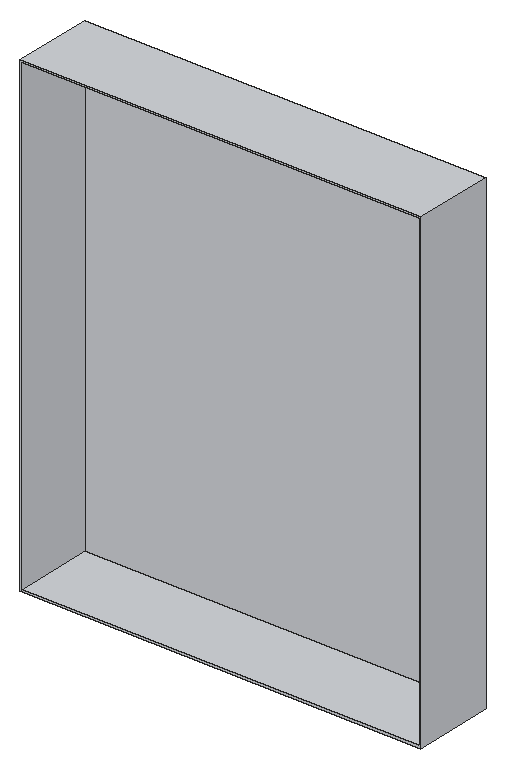
Revit family "Univers-IP30-empty-Surface_mounted-NoHosted-CH-en", category Electrical Equipment, Revit 2020
Family settings
  Panel Configuration = Two Columns, Circuits Across
  Round Connector Dimension = Use Diameter
  Part Type = Panelboard
  Work Plane-Based = Yes
  Always vertical = Yes
  Cut with Voids When Loaded = No
  Shared = No
  Room Calculation Point = No
Parameters (values of type "Surface mounted IP30 W800 H950 D161 0 Modular spacings - FWB63D1")
  Width Control [instance] = if([HG000006 - Flush mounted], if([EF000846 - Built-in width] > min_whd, [EF000846 - Built-in width], min_whd), if([EF000008 - Width] > min_whd, ([EF000008 - Width]), min_whd))  # 800 mm
  Void Depth [instance] = if([EF000218 - Built-in depth] > 1 mm, [EF000218 - Built-in depth], 1 mm)  # 161 mm
  Type Comments = [HG000003 - Range]  # "Univers"
  System Height [instance] = Height Control - 2 * [HG000005 - Thickness]  # 944 mm
  Panel Name [instance] = ""  # (empty or 0)
  Offset [instance] = 0 mm
  Model = [HG000004 - Manufacturer reference]  # "FWB63D1"
  Level Offset [instance] = [Flush Mounted - Door Frame Width] + Offset  # 0 mm
  HG000011 - Empty rows from bottom = no
  HG000005 - Thickness = 3 mm  # constant formula
  Description = ""
  Default Elevation = 1219.2 mm
  Arrow Offset [instance] = Depth Control / 8  # 20.125 mm
  Arrow Height [instance] = Depth Control - Arrow Offset  # 140.875 mm
  Host Offset [instance] = if([HG000006 - Flush mounted], 0 mm, [EF000049 - Depth])  # 161 mm
  min_whd [instance] = (2 * [HG000005 - Thickness]) + 1 mm  # 7 mm
  Manufacturer = "Hager"  # constant formula
  Height Control [instance] = if([HG000006 - Flush mounted], if([EF000332 - Built-in height] > min_whd, [EF000332 - Built-in height], min_whd), if([EF000040 - Height] > min_whd, ([EF000040 - Height]), min_whd))  # 950 mm
  HG000010 - Asymmetric doors = no
  HG000009 - Double swing door = no
  HG000008 - Number of empty rows = 0
  HG000007 - Number of empty columns = 0
  HG000006 - Flush mounted = no
  HG000004 - Manufacturer reference = "FWB63D1"
  HG000003 - Range = "Univers"
  HG000002 - With door or cover = no
  HG000001 - Number of columns = 0
  Flush Mounted - Door Frame Width [instance] = if(([EF000040 - Height] - [EF000332 - Built-in height]) > 0 mm, if([HG000006 - Flush mounted], [EF000040 - Height] - [EF000332 - Built-in height], 0 mm), 0 mm)  # 0 mm
  EF015941 - Signal passing door = no
  EF015777 - Neutral terminal block = no
  EF015776 - Earthing terminal block = no
  EF009212 - Cover model = "EV009916 - With notch"
  EF006306 - With lock = no
  EF006244 - Transparent cover/door = no
  EF005474 - Degree of protection (IP) = "EV006410 - IP30"
  EF004462 - Type of closure = "EV000154 - Other"
  EF002950 - Width in number of modular spacings = 0
  EF001596 - Material housing = "EV000179 - Steel"
  EF001134 - DIN-rail = no
  EF001131 - Internal depth = 160 mm
  EF001088 - Extension possible = no
  EF001062 - EMC-version = no
  EF000846 - Built-in width = 800 mm
  EF000339 - Type of cover = "EV000494 - None"
  EF000332 - Built-in height = 950 mm
  EF000266 - Number of rows = 0
  EF000218 - Built-in depth = 161 mm
  EF000118 - With mounting plate = no
  EF000116 - RAL-number = "9010"
  EF000049 - Depth = 161 mm
  EF000040 - Height = 950 mm
  EF000008 - Width = 800 mm
  EF000007 - Colour = "EV000202 - White"
  EF000003 - Mounting method = "EV001247 - Surface mounted/recessed mounted"
  Door_Right [instance] = yes
  Door_Left [instance] = not(Door_Right)  # no
  Door Swing Angle [instance] = 45.00°
  Door 3d Visibility [instance] = yes
  Depth Control [instance] = if([HG000006 - Flush mounted], if([EF000218 - Built-in depth] > 0 mm, [EF000218 - Built-in depth], 1 mm), if([EF000049 - Depth] > 0 mm, ([EF000049 - Depth]), 1 mm))  # 161 mm
  Clearance Visibility [instance] = no
Types (20, lengths in mm): name | Width Control | Void Depth | System Height | Model | Height Control | HG000004 - Manufacturer reference | EF009212 - Cover model | EF001131 - Internal depth | EF000846 - Built-in width | EF000332 - Built-in height | EF000218 - Built-in depth | EF000040 - Height | EF000008 - Width | EF000003 - Mounting method
  Surface mounted IP30 W1050 H1100 D161 0 Modular spacings - FWB74D1 | 1050 | 161 | 1094 | "FWB74D1" | 1100 | "FWB74D1" | "EV009916 - With notch" | 156 | 1050 | 1100 | 161 | 1100 | 1050 | "EV001247 - Surface mounted/recessed mounted"
  Surface mounted IP30 W1050 H500 D161 0 Modular spacings - FWB34D1 | 1050 | 161 | 494 | "FWB34D1" | 500 | "FWB34D1" | "EV009916 - With notch" | 156 | 1050 | 500 | 161 | 500 | 1050 | "EV001247 - Surface mounted/recessed mounted"
  Surface mounted IP30 W1050 H650 D161 0 Modular spacings - FWB44D1 | 1050 | 161 | 644 | "FWB44D1" | 650 | "FWB44D1" | "EV000116 - Closed" | 160 | 1050 | 650 | 161 | 650 | 1050 | "EV001247 - Surface mounted/recessed mounted"
  Surface mounted IP30 W1050 H800 D161 0 Modular spacings - FWB54D1 | 1050 | 161 | 794 | "FWB54D1" | 800 | "FWB54D1" | "EV009916 - With notch" | 160 | 1050 | 800 | 161 | 800 | 1050 | "EV001247 - Surface mounted/recessed mounted"
  Surface mounted IP30 W1050 H950 D161 0 Modular spacings - FWB64D1 | 1050 | 161 | 944 | "FWB64D1" | 950 | "FWB64D1" | "EV009916 - With notch" | 160 | 1050 | 950 | 161 | 950 | 1050 | "EV001247 - Surface mounted/recessed mounted"
  Surface mounted IP30 W300 H1100 D161 0 Modular spacings - FWB71D1 | 300 | 161 | 1094 | "FWB71D1" | 1100 | "FWB71D1" | "EV009916 - With notch" | 156 | 300 | 1100 | 161 | 1100 | 300 | "EV001247 - Surface mounted/recessed mounted"
  Surface mounted IP30 W300 H1250 D161 0 Modular spacings - FWB81D1 | 300 | 1 | 1244 | "FWB81D1" | 1250 | "FWB81D1" | "EV009916 - With notch" | 160 | 0 | 0 | 0 | 1250 | 300 | "EV000384 - Surface mounted (plaster)"
  Surface mounted IP30 W300 H500 D161 0 Modular spacings - FWB31D1 | 300 | 161 | 494 | "FWB31D1" | 500 | "FWB31D1" | "EV009916 - With notch" | 156 | 300 | 500 | 161 | 500 | 300 | "EV001247 - Surface mounted/recessed mounted"
  Surface mounted IP30 W300 H650 D161 0 Modular spacings - FWB41D1 | 300 | 161 | 644 | "FWB41D1" | 650 | "FWB41D1" | "EV000116 - Closed" | 160 | 300 | 650 | 161 | 650 | 300 | "EV001247 - Surface mounted/recessed mounted"
  Surface mounted IP30 W300 H800 D161 0 Modular spacings - FWB51D1 | 300 | 161 | 794 | "FWB51D1" | 800 | "FWB51D1" | "EV009916 - With notch" | 156 | 300 | 800 | 161 | 800 | 300 | "EV001247 - Surface mounted/recessed mounted"
  Surface mounted IP30 W300 H950 D161 0 Modular spacings - FWB61D1 | 300 | 161 | 944 | "FWB61D1" | 950 | "FWB61D1" | "EV009916 - With notch" | 156 | 300 | 950 | 161 | 950 | 300 | "EV001247 - Surface mounted/recessed mounted"
  Surface mounted IP30 W550 H1100 D161 0 Modular spacings - FWB72D1 | 550 | 161 | 1094 | "FWB72D1" | 1100 | "FWB72D1" | "EV009916 - With notch" | 156 | 550 | 1100 | 161 | 1100 | 550 | "EV001247 - Surface mounted/recessed mounted"
  Surface mounted IP30 W550 H500 D161 0 Modular spacings - FWB32D1 | 550 | 161 | 494 | "FWB32D1" | 500 | "FWB32D1" | "EV009916 - With notch" | 156 | 550 | 500 | 161 | 500 | 550 | "EV001247 - Surface mounted/recessed mounted"
  Surface mounted IP30 W550 H650 D161 0 Modular spacings - FWB42D1 | 550 | 161 | 644 | "FWB42D1" | 650 | "FWB42D1" | "EV000116 - Closed" | 160 | 550 | 650 | 161 | 650 | 550 | "EV001247 - Surface mounted/recessed mounted"
  Surface mounted IP30 W550 H800 D161 0 Modular spacings - FWB52D1 | 550 | 161 | 794 | "FWB52D1" | 800 | "FWB52D1" | "EV009916 - With notch" | 156 | 550 | 800 | 161 | 800 | 550 | "EV001247 - Surface mounted/recessed mounted"
  Surface mounted IP30 W550 H950 D161 0 Modular spacings - FWB62D1 | 550 | 161 | 944 | "FWB62D1" | 950 | "FWB62D1" | "EV009916 - With notch" | 156 | 550 | 950 | 161 | 950 | 550 | "EV001247 - Surface mounted/recessed mounted"
  Surface mounted IP30 W800 H500 D161 0 Modular spacings - FWB33D1 | 800 | 161 | 494 | "FWB33D1" | 500 | "FWB33D1" | "EV000116 - Closed" | 160 | 800 | 500 | 161 | 500 | 800 | "EV001247 - Surface mounted/recessed mounted"
  Surface mounted IP30 W800 H650 D161 0 Modular spacings - FWB43D1 | 800 | 161 | 644 | "FWB43D1" | 650 | "FWB43D1" | "EV000116 - Closed" | 160 | 800 | 650 | 161 | 650 | 800 | "EV001247 - Surface mounted/recessed mounted"
  Surface mounted IP30 W800 H800 D161 0 Modular spacings - FWB53D1 | 800 | 161 | 794 | "FWB53D1" | 800 | "FWB53D1" | "EV000116 - Closed" | 160 | 800 | 800 | 161 | 800 | 800 | "EV001247 - Surface mounted/recessed mounted"
  Surface mounted IP30 W800 H950 D161 0 Modular spacings - FWB63D1 | 800 | 161 | 944 | "FWB63D1" | 950 | "FWB63D1" | "EV009916 - With notch" | 160 | 800 | 950 | 161 | 950 | 800 | "EV001247 - Surface mounted/recessed mounted"
Reference planes
  plane 1 "Center (Front/Back)": y = 0
  plane 2: z = 0
  plane 3 "Center (Left/Right)": x = 0
  plane 4: y = 3
  plane 5: y = 0
  plane 6: y = 0
  plane 7: z = 0
  plane 8: x = -400
  plane 9: x = 400
  plane 10: x = 397
  plane 11: x = -397
  plane 12: z = 0
  plane 13: z = 3
  plane 14: y = -156
  plane 15: y = -161
  plane 16: y = -3
  plane 17: z = 947
  plane 18: z = 950
  plane 19: z = 475
  plane 20: x = 2000
  plane 21: x = 0
  plane 22: y = -2100
  plane 23: y = -100
Forms (mm)
  Extrusion 1, solid
    sketch origin (-208.679, -4572, 0) x (-1, 0, 0) y (0, -1, 0)
      loop
        line (191.321, -4411) -> (-608.679, -4411) -> (-608.679, -4572) -> (191.321, -4572) -> (191.321, -4411)
    from 0 to 950 <- "Height Control"
  Extrusion 2, void
    sketch origin (-350.771, -161, 1219.2) x (1, 0, 0) y (0, 0, 1)
      loop
        line (-46.229, -272.2) -> (-46.229, -1216.2) -> (747.771, -1216.2) -> (747.771, -272.2) -> (-46.229, -272.2)
    from 0 to -158
  Extrusion 3, solid, detail levels coarse
    sketch origin (-350.771, -161, 1219.2) x (-1, 0, 0) y (0, 0, 1)
      loop
        line (46.229, -272.2) -> (-747.771, -272.2) -> (-747.771, -1216.2) -> (46.229, -1216.2) -> (46.229, -272.2)
    from 0 to 3 <- "HG000005 - Thickness"
Cuts and joins
  Extrusion 2 cuts Extrusion 1
Dimensions and locks
  "Flush Mounted - Door Frame Width": plane 1 "Center (Front/Back)" to plane 6
  "HG000005 - Thickness": plane 4 to plane 6
  "HG000005 - Thickness": plane 8 to plane 11
  "HG000005 - Thickness": plane 9 to plane 10
  equal spacing: plane 8, plane 3 "Center (Left/Right)", plane 9
  "Width Control": plane 8 to plane 9
  locked: plane 14 to plane 15 at 5
  "Host Offset": plane 1 "Center (Front/Back)" to plane 15
  "Depth Control": plane 5 to plane 15
  "HG000005 - Thickness": plane 5 to plane 16
  "HG000005 - Thickness": plane 13 to plane 12
  "Level Offset": plane 12 to level
  "HG000005 - Thickness": plane 18 to plane 17
  "Height Control": plane 18 to plane 12
  "Arrow Offset": plane 5 to nested 4
  equal spacing: plane 18, plane 19, plane 12
  locked: connector elem to plane 19
  locked: connector elem to plane 3 "Center (Left/Right)"
  locked: plane 3 "Center (Left/Right)" to plane 20 at 2000
  locked: plane 21 to plane 20 at 2000
  locked: plane 23 to plane 22 at 2000
  aligned and locked: nested 1 to plane 14
  aligned and locked: plane 3 "Center (Left/Right)" to nested 1
  aligned and locked: plane 3 "Center (Left/Right)" to nested 2
  aligned and locked: nested 2 to plane 15
  aligned and locked: Extrusion 1 to plane 5
  aligned and locked: Extrusion 3 sketch curve to plane 17
  aligned and locked: Extrusion 3 sketch curve to plane 11
  aligned and locked: Extrusion 3 sketch curve to plane 13
  aligned and locked: Extrusion 3 sketch curve to plane 10
  aligned and locked: Extrusion 2 sketch curve to plane 13
  aligned and locked: Extrusion 2 sketch curve to plane 10
  aligned and locked: Extrusion 2 sketch curve to plane 17
  aligned and locked: Extrusion 2 sketch curve to plane 11
  aligned and locked: plane 16 to Extrusion 2
  aligned and locked: Extrusion 1 sketch curve to plane 5
  aligned and locked: plane 9 to Extrusion 1 sketch curve
  aligned and locked: plane 8 to Extrusion 1 sketch curve
  aligned and locked: plane 8 to nested 4
  aligned and locked: plane 8 to nested 3
  aligned and locked: nested 3 to plane 5
  aligned and locked: Extrusion 1 sketch curve to plane 15
  aligned and locked: Extrusion 2 to plane 15
Nested families
  nested 1: "Hager_Enclosure_System" at (0, -156, 3), No_Columns <- "HG000001 - Number of columns", Flush_Mounted <- "HG000006 - Flush mounted", Width <- "EF000008 - Width", Height <- "System Height", Width_Control <- "Width Control", Row_Module_Multiplicator <- "EF002950 - Width in number of modular spacings", Empty_Columns <- "HG000007 - Number of empty columns", No_Rows <- "EF000266 - Number of rows", Built-in_Width <- "EF000846 - Built-in width", Border <- "HG000005 - Thickness", Total_No_Empty_Rows <- "HG000008 - Number of empty rows", Depth <- "HG000005 - Thickness", Empty_Rows_From_Bottom <- "HG000011 - Empty rows from bottom", type "Hager_Enclosure_System", detail levels medium+fine
    with Width_Control 800 mm, Width 800 mm, Total_No_Rows 0, Total_No_Empty_Rows 0, Total_No_Columns 1, System_Width 794 mm, Rows_Column 0, Row_Module_Multiplicator 0, Panel_4 no, Panel_3 no, Panel_2 no, Panel_1 no, No_Rows 0, No_Panels_Ctrl 1, No_Columns 0, Hide_Columns yes, Height 944 mm, Flush_Mounted no, Empty_Rows_From_Bottom no, Empty_Rows_Column 0, Empty_Columns 0, Depth 3 mm, Column_Width 794 mm, Built-in_Width 800 mm, Border 3 mm
  nested 2: "Hager_Enclosure_Door" at (0, -161, 0), Double <- "HG000009 - Double swing door", Height_Ctrl <- "Height Control", Transparent <- "EF006244 - Transparent cover/door", Depth <- "EF000049 - Depth", Height <- "EF000040 - Height", Angle <- "Door Swing Angle", Door_Right <- "Door_Right", Assymetrical <- "HG000010 - Asymmetric doors", Flush_Mounted <- "HG000006 - Flush mounted", BuiltIn_Depth <- "EF000218 - Built-in depth", BuiltIn_Width <- "EF000846 - Built-in width", Door <- "HG000002 - With door or cover", Width_Ctrl <- "Width Control", 3d_Door <- "Door 3d Visibility", Width <- "EF000008 - Width", Border <- "HG000005 - Thickness", BuiltIn_Height <- "EF000332 - Built-in height", Clearance <- "Clearance Visibility", Door_Left <- "Door_Left", type "Hager_Enclosure_Door", detail levels medium+fine
    with min_wh 7 mm, Width_Ctrl 800 mm, Width 800 mm, Transparent no, Leaf_Width 791 mm, Leaf_Tolerance 1.5 mm, Leaf_Height 941 mm, Leaf_2_Width 791 mm, Leaf_2_Offset 395.5 mm, Leaf_1_Width 791 mm, Leaf_1_Offset 395.5 mm, Height_Ctrl 950 mm, Height 950 mm, Frame_Width_Ctrl 1 mm, Frame_Width 0 mm, Frame_Internal_Offset 0 mm, Frame_Height_Ctrl 1 mm, Frame_Height 0 mm, Frame_Depth_Ctrl 1 mm, Frame_Depth 0 mm, Flush_Mounted no, Double_Clearance_Ctrl no, Double no, Door_Right_Ctrl no, Door_Right yes, Door_Left_Ctrl no, Door_Left no, Door no, Depth 161 mm, Clearance_Depth 791 mm, Clearance_Ctrl no, Clearance no, BuiltIn_Width 800 mm, BuiltIn_Height 950 mm, BuiltIn_Depth 161 mm, Border 3 mm, Assymetrical no, Angle 45.00°, 3d_Door yes
  nested 3: "Hager_Enclosure_Symbol_Triangle" at (-400, 0, 0), Depth <- "Depth Control", Width <- "Width Control", type "Hager_Enclosure_Symbol_Triangle"
    with Width_Ctrl 800 mm, Width 800 mm, Depth_Ctrl 161 mm, Depth 161 mm
  nested 4: "Hager_Enclosure_Symbol_Arrow" at (-400, -20.125, 0), Height <- "Arrow Height", type "Hager_Enclosure_Symbol_Arrow"
    with Width_Inside 10.566 mm, Width 126.788 mm, Height_Ctrl 140.875 mm, Height 140.875 mm
Connectors
  electrical at (0, 0, 475)
    settings: on plane 5, index 1, voltage 0 V, apparent load 0 VA, apparent load phase1 0 VA, apparent load phase2 0 VA, apparent load phase3 0 VA, power factor 1, load classification "Other", number of poles 1, system type 30, power factor state 1, is connector primary yes, connector utility no, sub classification motor no, connector description ""
Definition of nested family "Hager_Enclosure_Door"
  Parameters (values of type "Hager_Enclosure_Door")
    min_wh [instance] = (2 * Border) + 1 mm  # 11 mm
    Width_Ctrl [instance] = 400 mm
    Width [instance] = 500 mm
    Transparent [instance] = yes
    Leaf_Width [instance] = if((Width_Ctrl - 2 * Border - 2 * Leaf_Tolerance) > 0 mm, (Width_Ctrl - 2 * Border - 2 * Leaf_Tolerance), min_wh)  # 387 mm
    Leaf_Tolerance [instance] = 1.5 mm  # constant formula
    Leaf_Height [instance] = if((Height_Ctrl - 2 * Border - 2 * Leaf_Tolerance) > 0 mm, (Height_Ctrl - 2 * Border - 2 * Leaf_Tolerance), min_wh)  # 387 mm
    Leaf_2_Width [instance] = if(and(and(Double, Assymetrical), Door_Left), (Leaf_Width / 3) - (Leaf_Tolerance / 2), if(and(and(Double, Assymetrical), Door_Right), (Leaf_Width / 3) * 2 - (Leaf_Tolerance / 2), if(and(Double, not(Assymetrical)), (Leaf_Width / 2) - Leaf_Tolerance, Leaf_Width)))  # 192 mm
    Leaf_2_Offset [instance] = if(and(Double, Assymetrical), Leaf_2_Width / 2, if(and(Double, not(Assymetrical)), Leaf_Width / 4, Leaf_Width / 2))  # 96.75 mm
    Leaf_1_Width [instance] = if(and(and(Double, Assymetrical), Door_Right), (Leaf_Width / 3) - (Leaf_Tolerance / 2), if(and(and(Double, Assymetrical), Door_Left), (Width / 3) * 2 - (Leaf_Tolerance / 2), if(and(Double, not(Assymetrical)), (Leaf_Width / 2) - Leaf_Tolerance, Leaf_Width)))  # 192 mm
    Leaf_1_Offset [instance] = if(and(Double, Assymetrical), Leaf_1_Width / 2, if(and(Double, not(Assymetrical)), Leaf_Width / 4, Leaf_Width / 2))  # 96.75 mm
    Height_Ctrl [instance] = 400 mm
    Height [instance] = 500 mm
    Frame_Width_Ctrl [instance] = if(Frame_Width > 0 mm, Frame_Width, 1 mm)  # 1 mm
    Frame_Width [instance] = Width - BuiltIn_Width  # 0 mm
    Frame_Internal_Offset [instance] = if(Flush_Mounted, Border, 0 mm)  # 0 mm
    Frame_Height_Ctrl [instance] = if(Frame_Height > 0 mm, Frame_Height, 1 mm)  # 1 mm
    Frame_Height [instance] = Height - BuiltIn_Height  # 0 mm
    Frame_Depth_Ctrl [instance] = if(Frame_Depth > 0 mm, Frame_Depth, 1 mm)  # 1 mm
    Frame_Depth [instance] = if(Depth - BuiltIn_Depth > 0 mm, if(Flush_Mounted, Depth - BuiltIn_Depth, 0 mm), 0 mm)  # 0 mm
    Flush_Mounted [instance] = no
    Double_Clearance_Ctrl [instance] = and(Double, Clearance)  # yes
    Double [instance] = yes
    Door_Right_Ctrl [instance] = and(or(Door_Right, Double), Door)  # yes
    Door_Right [instance] = yes
    Door_Left_Ctrl [instance] = and(or(Door_Left, Double), Door)  # yes
    Door_Left [instance] = no
    Door [instance] = yes
    Depth [instance] = 500 mm
    Default Elevation = 1219.2 mm
    Clearance_Material = none
    Clearance_Depth [instance] = if(Leaf_1_Width > Leaf_2_Width, Leaf_1_Width, Leaf_2_Width)  # 192 mm
    Clearance_Ctrl [instance] = and(not(Double), Clearance)  # no
    Clearance [instance] = yes
    BuiltIn_Width [instance] = 500 mm
    BuiltIn_Height [instance] = 500 mm
    BuiltIn_Depth [instance] = 500 mm
    Border [instance] = 5 mm
    Assymetrical [instance] = no
    Angle [instance] = 65.00°
    3d_Door [instance] = yes
  Reference planes
    plane 1 "Center (Front/Back)": y = 0
    plane 2 "Bottom": z = 0
    plane 3 "Center (Left/Right)": x = 0
    plane 4: z = 400
    plane 5: x = -200
    plane 6: x = 200
    plane 7: z = 395
    plane 8: x = -195
    plane 9: z = 5
    plane 10: x = 195
    plane 11: y = 0
    plane 12: z = 6.5
    plane 13: x = -387
    plane 14: y = -192
    plane 15: x = 387
    plane 16: x = -96.75
    plane 17: x = 96.75
    plane 18: x = -193.5
    plane 19: x = 193.5
    plane 20: z = 393.5
  Forms (mm)
    Extrusion 1, solid, visible <- "Flush_Mounted"
      sketch origin (0, 0, 0) x (1, 0, 0) y (0, 0, 1)
        loop
          line (200, 0) -> (200, 400) -> (-200, 400) -> (-200, 0) -> (200, 0)
        loop
          line (-201, 401) -> (-201, -1) -> (201, -1) -> (201, 401) -> (-201, 401)
      from 0 to 1 <- "Frame_Depth_Ctrl"
    Extrusion 2, solid, material <- "Clearance_Material", visible <- "Double_Clearance_Ctrl"
      sketch origin (1200, 0, 0) x (1, 0, 0) y (0, 0, -1)
        loop
          line (-1587, -393.5) -> (-813, -393.5) -> (-813, 0) -> (-1587, 0) -> (-1587, -393.5)
      from 0 to -192
  Dimensions and locks
    equal spacing: plane 5, plane 3 "Center (Left/Right)", plane 6
    "Width_Ctrl": plane 5 to plane 6
    "Border": plane 5 to plane 8
    "Border": plane 6 to plane 10
    "Border": plane 9 to level
    "Border": plane 4 to plane 7
    "Height_Ctrl": plane 4 to level
    "Leaf_Tolerance": plane 12 to plane 9
    "Frame_Depth": plane 11 to plane 1 "Center (Front/Back)"
    "Frame_Width_Ctrl": plane 5 to Extrusion 1 sketch curve
    "Frame_Width_Ctrl": plane 6 to Extrusion 1 sketch curve
    "Frame_Width_Ctrl": Extrusion 1 sketch curve to plane 4
    "Frame_Width_Ctrl": plane 2 "Bottom" to Extrusion 1 sketch curve
    "Leaf_1_Offset": plane 18 to plane 16
    "Leaf_2_Offset": plane 17 to plane 19
    "Leaf_1_Width": plane 13 to plane 8
    "Leaf_2_Width": plane 10 to plane 15
    "Clearance_Depth": plane 14 to plane 1 "Center (Front/Back)"
    "Leaf_Tolerance": plane 8 to plane 18
    "Leaf_Tolerance": plane 19 to plane 10
    "Leaf_Tolerance": plane 7 to plane 20
    "Frame_Internal_Offset": plane 5 to Extrusion 1 sketch curve
    "Frame_Internal_Offset": Extrusion 1 sketch curve to plane 2 "Bottom"
    "Frame_Internal_Offset": plane 6 to Extrusion 1 sketch curve
    "Frame_Internal_Offset": plane 4 to Extrusion 1 sketch curve
    aligned and locked: level to plane 2 "Bottom"
    aligned and locked: nested 1 to plane 16
    aligned and locked: nested 2 to plane 17
    aligned and locked: Extrusion 2 to plane 13
    aligned and locked: plane 15 to Extrusion 2
    aligned and locked: Extrusion 2 to plane 14
    aligned and locked: plane 12 to nested 1
    aligned and locked: nested 2 to plane 12
    aligned and locked: Extrusion 2 to plane 11
    aligned and locked: plane 20 to Extrusion 2
    aligned and locked: nested 2 to plane 11
    aligned and locked: nested 1 to plane 11
  Automatic sketch dimensions
    Extrusion 2 sketch curve to level = 0 mm
    plane 5 to Extrusion 2 sketch curve = 187 mm
    plane 6 to Extrusion 2 sketch curve = 187 mm
    Extrusion 2 sketch curve to plane 4 = 6.5 mm
  Nested families
    nested 1: "Hager_Enclosure_Door_Leaf" at (-96.75, 0, 6.5), Width <- "Leaf_1_Width", visible <- "Door_Left_Ctrl", Leaf_Height <- "Leaf_Height", Angle <- "Angle", Depth <- "Border", 3d_Door <- "3d_Door", Transparent <- "Transparent", Clearance Material <- "Clearance_Material", Clearance <- "Clearance_Ctrl", type "Hager_Enclosure_Door_Leaf"
      with Width 192 mm, Transparent_Door_Border 25 mm, Transparent_Ctrl yes, Transparent yes, Standard no, Leaf_Height 387 mm, Glass_Offset 1 mm, Depth 5 mm, Clearance Material none, Clearance no, Angle_Ctrl 65.00°, Angle 65.00°, 3d_Door yes
    nested 2: "Hager_Enclosure_Door_Leaf" at (96.75, 0, 6.5) x (-1, 0, 0) z (0, 0, 1), Width <- "Leaf_2_Width", visible <- "Door_Right_Ctrl", Leaf_Height <- "Leaf_Height", Angle <- "Angle", Depth <- "Border", 3d_Door <- "3d_Door", Transparent <- "Transparent", Clearance Material <- "Clearance_Material", Clearance <- "Clearance_Ctrl", type "Hager_Enclosure_Door_Leaf"
      with Width 192 mm, Transparent_Door_Border 25 mm, Transparent_Ctrl yes, Transparent yes, Standard no, Leaf_Height 387 mm, Glass_Offset 1 mm, Depth 5 mm, Clearance Material none, Clearance no, Angle_Ctrl 65.00°, Angle 65.00°, 3d_Door yes
  Definition of nested family "Hager_Enclosure_Door_Leaf"
    Parameters (values of type "Hager_Enclosure_Door_Leaf")
      Width [instance] = 200 mm
      Transparent_Door_Border [instance] = 25 mm  # constant formula
      Transparent_Ctrl [instance] = and(Transparent, [3d_Door])  # yes
      Transparent [instance] = yes
      Standard [instance] = and(not(Transparent), [3d_Door])  # no
      Leaf_Height [instance] = 500 mm
      Glass_Offset [instance] = if((Depth - 10 mm) / 2 > 0 mm, (Depth - 10 mm) / 2, 1 mm)  # 1 mm
      Glass_Material = none
      Depth [instance] = 3 mm
      Default Elevation = 0 mm
      Clearance Material [instance] = none
      Clearance [instance] = no
      Angle_Ctrl [instance] = if(Angle > 170.00°, 170.00°, Angle)  # 163.00°
      Angle [instance] = 163.00°
      3d_Door [instance] = yes
    Reference planes
      plane 1 "Center (Front/Back)": y = 0
      plane 2: z = 0
      plane 3 "Center (Left/Right)": x = 0
      plane 4: y = 200
      plane 5: x = -100
      plane 6: x = 100
      plane 7: x = -300
      plane 8: z = 500
      plane 9: z = 25
      plane 10: z = 475
      plane 11: x = 75
      plane 12: x = -75
    Forms (mm)
      Extrusion 1, solid, material <- "Clearance Material", visible <- "Clearance"
        sketch origin (0, 0, 0) x (1, 0, 0) y (0, 0, 1)
          loop
            line (-300, 500) -> (-300, 0) -> (100, 0) -> (100, 500) -> (-300, 500)
        from 0 to -200
      Extrusion 2, solid, visible <- "Standard", detail levels fine
        sketch origin (-100, 0, 0) x (-0.956305, 0.292372, 0) y (-0.292372, -0.956305, 0)
          loop
            line (0, -3) -> (200, -3) -> (200, 0) -> (0, 0) -> (0, -3)
        from 0 to 500 <- "Leaf_Height"
      Extrusion 3, solid, visible <- "Transparent_Ctrl", detail levels fine
        sketch origin (-100, 0, 0) x (-0.956305, 0.292372, 0) y (-0.292372, -0.956305, 0)
          loop
            line (0, -3) -> (200, -3) -> (200, 0) -> (0, 0) -> (0, -3)
        from 0 to 500 <- "Leaf_Height"
      Extrusion 4, void, detail levels fine
        sketch origin (-100, 0, 0) x (-0.292372, -0.956305, 0) y (-0.956305, 0.292372, 0)
          loop
            line (0, 25) -> (0, 175) -> (-3, 175) -> (-3, 25) -> (0, 25)
        from -475 to -25
      Extrusion 5, solid, material <- "Glass_Material", visible <- "Transparent_Ctrl", detail levels fine
        sketch origin (-100, 0, 0) x (-0.956305, 0.292372, 0) y (-0.292372, -0.956305, 0)
          loop
            line (25, -1) -> (25, -2) -> (175, -2) -> (175, -1) -> (25, -1)
        from 25 to 475
    Cuts and joins
      Extrusion 4 cuts Extrusion 3
    Lines and regions (mm)
      symbolic lines
        curve 1: line (100, 0, 0) -> (-300, 0, 0)
        curve 2: arc (100, 0, 0) -> (-100, 200, 0) -> (-300, 0, 0) r 200
        curve 4: line (-100, 0, 0) -> (-291.261, 58.474, 0)
      reference lines
        curve 3: line (-100, 0, 0) -> (-291.261, 58.474, 0)
      symbolic lines, detail levels medium+fine
        curve 5: line (-291.261, 58.474, 0) -> (-290.384, 61.343, 0)
        curve 6: line (-290.384, 61.343, 0) -> (-99.123, 2.869, 0)
        curve 7: line (-99.123, 2.869, 0) -> (-100, 0, 0)
      symbolic lines, detail levels fine
        curve 8: line (-100, 0, 500) -> (100, 0, 500)
        curve 9: line (-100, 0, 0) -> (-100, 0, 500)
        curve 10: line (100, 0, 0) -> (-100, 0, 0)
        curve 11: line (100, 0, 500) -> (100, 0, 0)
      symbolic lines, visible <- "Transparent_Ctrl", detail levels fine
        curve 12: line (-75, 0, 475) -> (75, 0, 475)
        curve 13: line (-75, 0, 25) -> (-75, 0, 475)
        curve 14: line (75, 0, 25) -> (-75, 0, 25)
        curve 15: line (75, 0, 475) -> (75, 0, 25)
    Dimensions and locks
      "Width": plane 1 "Center (Front/Back)" to plane 4
      equal spacing: plane 5, plane 3 "Center (Left/Right)", plane 6
      "Width": plane 5 to plane 6
      "Width": plane 7 to plane 5
      "Leaf_Height": plane 8 to level
      "Depth": curve 6 to curve 3
      "Width": curve 5 to curve 3
      "Width": curve 3 to curve 3
      "Transparent_Door_Border": Extrusion 4 sketch curve to curve 7
      "Transparent_Door_Border": Extrusion 4 sketch curve to curve 5
      "Transparent_Door_Border": plane 8 to plane 10
      "Transparent_Door_Border": plane 9 to level
      "Glass_Offset": Extrusion 5 sketch curve to curve 4
      "Glass_Offset": Extrusion 5 sketch curve to curve 6
      "Transparent_Door_Border": Extrusion 5 sketch curve to curve 5
      "Transparent_Door_Border": Extrusion 5 sketch curve to curve 7
      "Transparent_Door_Border": plane 12 to plane 5
      "Transparent_Door_Border": plane 6 to plane 11
      "Angle_Ctrl": angle plane 1 "Center (Front/Back)" to curve 3
      aligned and locked: level to plane 2
      aligned and locked: Extrusion 1 to curve 1
      aligned and locked: plane 6 to Extrusion 1
      aligned and locked: plane 1 "Center (Front/Back)" to Extrusion 1
      aligned and locked: plane 4 to Extrusion 1
      aligned and locked: plane 8 to Extrusion 1
      aligned and locked: curve 4 to curve 3
      aligned and locked: Extrusion 2 sketch curve to curve 7
      aligned and locked: Extrusion 2 sketch curve to curve 6
      aligned and locked: Extrusion 2 sketch curve to curve 5
      aligned and locked: Extrusion 2 sketch curve to curve 3
      aligned and locked: curve 7 to Extrusion 3 sketch curve
      aligned and locked: Extrusion 3 sketch curve to curve 4
      aligned and locked: Extrusion 3 sketch curve to curve 6
      aligned and locked: Extrusion 3 sketch curve to curve 5
      aligned and locked: curve 4 to Extrusion 4 sketch curve
      aligned and locked: curve 6 to Extrusion 4 sketch curve
      aligned and locked: Extrusion 4 to plane 9
      aligned and locked: Extrusion 4 to plane 10
      aligned and locked: Extrusion 5 to plane 9
      aligned and locked: Extrusion 5 to plane 10
      aligned and locked: curve 8 to plane 8
      aligned and locked: plane 5 to curve 9
      aligned and locked: plane 2 to curve 10
      aligned and locked: curve 11 to plane 6
      aligned and locked: plane 10 to curve 12
      aligned and locked: plane 12 to curve 13
      aligned and locked: plane 9 to curve 14
      aligned and locked: plane 11 to curve 15
    Automatic sketch dimensions
      plane 1 "Center (Front/Back)" to curve 2 = 0 mm
      curve 2 to plane 5 = 0 mm
      Extrusion 1 sketch curve to level = 0 mm
      Extrusion 1 sketch curve to plane 7 = 0 mm
      Extrusion 1 sketch curve to plane 6 = 0 mm
      Extrusion 1 sketch curve to plane 8 = 0 mm
      plane 1 "Center (Front/Back)" to curve 3 = 0 mm
      curve 3 to plane 5 = 0 mm
      curve 7 to curve 3 = 0 mm
Definition of nested family "Hager_Enclosure_Symbol_Triangle"
  Parameters (values of type "Hager_Enclosure_Symbol_Triangle")
    Width_Ctrl [instance] = if(Width > 1 mm, Width, 1 mm)  # 498 mm
    Width [instance] = 498 mm
    Depth_Ctrl [instance] = if(Depth > 1 mm, Depth, 1 mm)  # 72 mm
    Depth [instance] = 72 mm
  Reference planes
    plane 1 "Centre (avant/arrière)": y = 0
    plane 2: z = 0
    plane 3 "Centre (gauche/droite)": x = 0
  Lines and regions (mm)
    Filled region 1, type "Solid_Black", in view "Niveau de réf."
      outline origin (0, 0, 0) x (1, 0, 0) y (0, 1, 0)
        loop
          line (0, 0) -> (498, 0) -> (498, 72) -> (0, 0)
    reference lines, in view "Niveau de réf."
      curve 1: line (-206.153, 72, 0) -> (1083.258, 72, 0)
      curve 2: line (498, 405.456, 0) -> (498, -517.619, 0)
  Dimensions and locks
    "Depth_Ctrl": plane 1 "Centre (avant/arrière)" to curve 1
    "Width_Ctrl": plane 3 "Centre (gauche/droite)" to curve 2
    aligned and locked: curve 1 to Filled region 1 sketch curve
    aligned and locked: Filled region 1 sketch curve to plane 1 "Centre (avant/arrière)"
    aligned and locked: curve 2 to Filled region 1 sketch curve
    aligned and locked: plane 3 "Centre (gauche/droite)" to Filled region 1 sketch curve
    aligned and locked: plane 1 "Centre (avant/arrière)" to Filled region 1 sketch curve
  Automatic sketch dimensions
    curve 1 to plane 3 "Centre (gauche/droite)" = 206.153 mm
    curve 2 to curve 1 = 585.258 mm
    plane 1 "Centre (avant/arrière)" to curve 2 = 517.619 mm
    curve 2 to plane 1 "Centre (avant/arrière)" = 405.456 mm
Definition of nested family "Hager_Enclosure_Symbol_Arrow"
  Parameters (values of type "Hager_Enclosure_Symbol_Arrow")
    Width_Inside [instance] = if(Width / 12 > 2 mm, Width / 12, 2 mm)  # 4.987 mm
    Width [instance] = if(Height_Ctrl * 0.9 > 2 mm, Height_Ctrl * 0.9, 2 mm)  # 59.85 mm
    Height_Ctrl [instance] = if(Height > 2 mm, Height, 2 mm)  # 66.5 mm
    Height [instance] = 66.5 mm
  Reference planes
    plane 1 "Centre (avant/arrière)": y = 0
    plane 2: z = 0
    plane 3 "Centre (gauche/droite)": x = 0
    plane 4: x = 59.85
    plane 5: y = 28.263
    plane 6: y = 38.238
    plane 7: y = 66.5
    plane 8: x = 29.925
    plane 9: y = 33.25
  Lines and regions (mm)
    Filled region 1, type "Solid_Black", in view "Niveau de réf."
      outline origin (0, 0, 0) x (1, 0, 0) y (0, 1, 0)
        loop
          line (59.85, 66.5) -> (37.929, 52.827) -> (51.846, 41.935) -> (59.85, 66.5)
    detail lines, in view "Niveau de réf."
      curve 1: line (0, 0, 0) -> (29.925, 38.238, 0)
      curve 2: line (29.925, 38.238, 0) -> (29.925, 28.263, 0)
      curve 3: line (29.925, 28.263, 0) -> (59.85, 66.5, 0)
  Dimensions and locks
    "Width": plane 3 "Centre (gauche/droite)" to plane 4
    "Height_Ctrl": plane 7 to plane 1 "Centre (avant/arrière)"
    equal spacing: plane 3 "Centre (gauche/droite)", plane 8, plane 4
    equal spacing: plane 7, plane 9, plane 1 "Centre (avant/arrière)"
    equal spacing: plane 6, plane 9, plane 5
    "Width_Inside": plane 6 to plane 9
    equal spacing: curve 3, Filled region 1 sketch curve, Filled region 1 sketch curve
    angle Filled region 1 sketch curve to curve 3 = 20.00°
    angle curve 3 to Filled region 1 sketch curve = 20.00°
    locked: curve 3 to Filled region 1 sketch curve (angle 90.00°)
  Automatic sketch dimensions
    plane 1 "Centre (avant/arrière)" to curve 1 = 0 mm
    curve 1 to plane 3 "Centre (gauche/droite)" = 0 mm
    curve 2 to plane 6 = 0 mm
    curve 3 to plane 8 = 0 mm
    curve 3 to plane 4 = 0 mm
    curve 2 to plane 5 = 0 mm
    curve 3 to plane 7 = 0 mm
    Filled region 1 sketch curve to plane 4 = 0 mm
    Filled region 1 sketch curve to plane 7 = 0 mm
